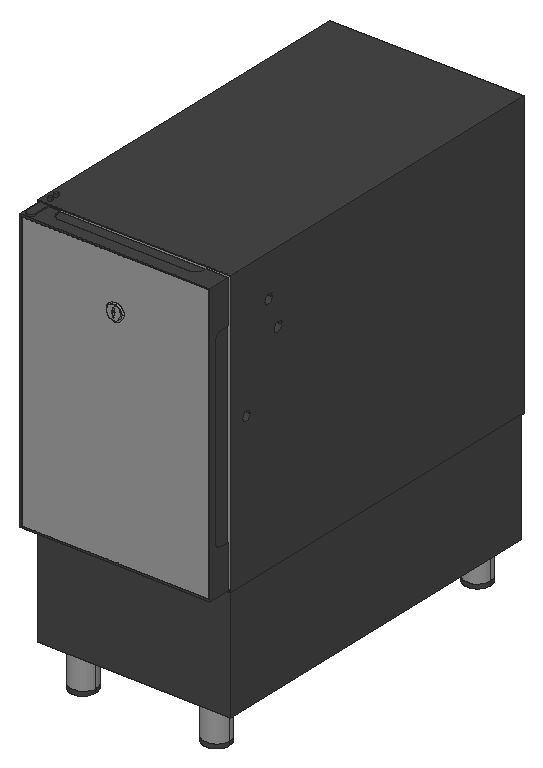
Revit family "Franke_Refrigeration_side_unit_KE200_EC-A600_MS_EC_Tank_A600_FM_EC_A800_FM_EC(EU,CH,GB)", category Specialty Equipment, Revit 2015
Parameters (values of type "Refrigeration side unit KE200 EC-A600 MS EC Tank,A600 FM EC,A800 FM EC(220-240V/EU,CH,GB)")
  Volts max. = 240 V
  URL = "https://www.franke.com/main/en/cs/products/product-search.html"
  Depth (mm) = 453 mm
  Temperature range = "+ 3°C to + 8°C"
  Volts min. = 220 V
  Max Overcurrent Protection = "10 A"
  Cycle Alternative = 60 Hz
  Cycle = 50 Hz
  Model = "410867 - Refrigeration side unit KE200 EC - A600 MS EC Tank, A600 FM EC, A800 FM EC"
  Milk storage = "4 l"
  Watts = 82 W
  Cost = 0
  Height (mm) = 506 mm
  Manufacturer = "Franke"
  Energy loss acc. to DIN 18873 = "0.460 kWh/24 h - 230 V"
  Width (mm) = 225 mm
  Specific features = "Podestal"
  Description = "Refrigeration side unit for storage of cooled milk"
  Assembly Code = "Refrigeration side unit"
  Keynote = "Refrigeration side unit"
  Weight = "13 kg"
  Number of Poles = 1
  Number of Protective Conductors = "1"
  Number of Nutral Conductors = "1"
Reference planes
  plane 1 "Mitte (Vorne/Hinten)": y = 0
  plane 2: z = 0
  plane 3 "Mitte (Links/Rechts)": x = 0
Forms (mm)
  Extrusion 1, solid, material "Franke Black"
    sketch origin (0, 0, 150) x (0, 1, 0) y (0, 0, 1)
      loop
        line (212.3, 356) -> (-212.3, 356) -> (-212.3, 26) -> (212.3, 26) -> (212.3, 356)
    from -112.5 to 112.5
  Extrusion 2, solid, material "Franke Chrome"
    sketch origin (0, 0, 150) x (1, 0, 0) y (0, 0, 1)
      loop
        circle (0, 290.954) r 8
      loop
        arc (1, 294.954) -> (0.707, 295.662) -> (0, 295.954) r 1
        arc (0, 295.954) -> (-0.707, 295.662) -> (-1, 294.954) r 1
        line (-1, 294.954) -> (-1, 292.687)
        arc (-1, 292.687) -> (-2, 290.954) -> (-1, 289.222) r 2
        line (-1, 289.222) -> (-1, 286.954)
        arc (-1, 286.954) -> (-0.707, 286.247) -> (0, 285.954) r 1
        arc (0, 285.954) -> (0.707, 286.247) -> (1, 286.954) r 1
        line (1, 286.954) -> (1, 289.222)
        arc (1, 289.222) -> (2, 290.954) -> (1, 292.687) r 2
        line (1, 292.687) -> (1, 294.954)
    from 240.3 to 242.3
  Blend 3, solid, material "Franke Chrome"
    base sketch origin (0, 0, 150) x (1, 0, 0) y (0, 0, 1)
      loop
        circle (0, 290.954) r 10
    top sketch origin (0, 0, 150) x (1, 0, 0) y (0, 0, 1)
      loop
        circle (0, 290.954) r 8
    from 240.3 to 241.3
  Extrusion 4, solid, material "Franke Black"
    sketch origin (0, 0, 150) x (1, 0, 0) y (0, 0, 1)
      loop
        line (-105.863, 349.363) -> (-105.863, 32.637) -> (105.863, 32.637) -> (105.863, 349.363) -> (-105.863, 349.363)
    from 212.3 to 214.3
  Revolve 5, solid, material "Franke Black"
    sketch origin (-77.5, 0, 169) x (0, 1, 0) y (0, 0, 1)
      loop
        line (212.3, 252) -> (225.9, 252) -> (225.9, 262.5)
        arc (225.9, 262.5) -> (225.314, 263.914) -> (223.9, 264.5) r 2
        line (223.9, 264.5) -> (212.3, 264.5) -> (212.3, 252)
      axis (225.9, 252) -> (212.3, 252)
    angle from 0 to 360
  Extrusion 6, void
    sketch origin (0, 0, 169) x (0, 1, 0) y (0, 0, 1)
      loop
        circle (-158.312, 288.596) r 6
      loop
        circle (-144.81, 253.988) r 6
      loop
        circle (-190.311, 180.988) r 6
    from 102.5 to 127.226
  Extrusion 7, void
    sketch origin (0, 0, 169) x (1, 0, 0) y (0, 0, 1)
      loop
        line (60.953, 48.985) -> (60.953, 22.709) -> (92.574, 22.709) -> (92.574, 48.985) -> (60.953, 48.985)
    from -221.866 to -202.3
  Extrusion 8, solid, material "Franke Black"
    sketch origin (0, 0, 150) x (1, 0, 0) y (0, 0, 1)
      loop
        line (-110.5, 354) -> (-110.5, 28) -> (110.5, 28) -> (110.5, 354) -> (-110.5, 354)
      loop
        line (108.5, 352) -> (-108.5, 352) -> (-108.5, 30) -> (108.5, 30) -> (108.5, 352)
    from 214.3 to 240.3
  Extrusion 9, solid, material "Franke Stainless Steel"
    sketch origin (0, 0, 150) x (1, 0, 0) y (0, 0, 1)
      loop
        line (-108.5, 352) -> (-108.5, 30) -> (108.5, 30) -> (108.5, 352) -> (-108.5, 352)
      loop
        circle (0, 290.954) r 10
    from 214.3 to 240.3
  Extrusion 10, void
    sketch origin (0, 0, 150) x (0, 1, 0) y (0, 0, 1)
      loop
        line (-212.3, 78) -> (-212.3, 304) -> (-223.8, 304)
        arc (-223.8, 304) -> (-230.871, 301.071) -> (-233.8, 294) r 10
        line (-233.8, 294) -> (-233.8, 88)
        arc (-233.8, 88) -> (-230.871, 80.929) -> (-223.8, 78) r 10
        line (-223.8, 78) -> (-212.3, 78)
    from 109.5 to 123.031
  Extrusion 11, void
    sketch origin (0, 0, 150) x (0, 1, 0) y (0, 0, -1)
      loop
        line (-212.3, -78) -> (-223.8, -78)
        arc (-223.8, -78) -> (-230.871, -80.929) -> (-233.8, -88) r 10
        line (-233.8, -88) -> (-233.8, -294)
        arc (-233.8, -294) -> (-230.871, -301.071) -> (-223.8, -304) r 10
        line (-223.8, -304) -> (-212.3, -304) -> (-212.3, -78)
    from 109.5 to 123.031
  Extrusion 12, void
    sketch origin (0, 0, 150) x (1, 0, 0) y (0, 1, 0)
      loop
        line (-85.5, -212.3) -> (-85.5, -217.3)
        arc (-85.5, -217.3) -> (-82.571, -224.371) -> (-75.5, -227.3) r 10
        line (-75.5, -227.3) -> (75.5, -227.3)
        arc (75.5, -227.3) -> (82.571, -224.371) -> (85.5, -217.3) r 10
        line (85.5, -217.3) -> (85.5, -212.3) -> (-85.5, -212.3)
    from 353 to 371.405
  Extrusion 13, void
    sketch origin (0, 0, 150) x (1, 0, 0) y (0, 0, 1)
      loop
        line (111.5, 355) -> (-111.5, 355) -> (-111.5, 27) -> (111.5, 27) -> (111.5, 355)
    from 199.527 to 273.235
  Extrusion 14, solid, material "Franke Plastic white"
    sketch origin (0, 0, 150) x (1, 0, 0) y (0, 0, 1)
      loop
        line (-111.5, 355) -> (-111.5, 27) -> (111.5, 27) -> (111.5, 355) -> (-111.5, 355)
    from 199.527 to 212.3
  Extrusion 15, solid, material "Franke Black"
    sketch origin (0, 0, 150) x (1, 0, 0) y (0, 1, 0)
      loop
        arc (-108.5, -233.3) -> (-103.5, -238.3) -> (-98.5, -233.3) r 5
        line (-98.5, -233.3) -> (-98.5, -212.3) -> (-108.5, -212.3) -> (-108.5, -233.3)
    from 354 to 355
  Extrusion 16, solid, material "Franke Black"
    sketch origin (0, 0, 150) x (1, 0, 0) y (0, 1, 0)
      loop
        circle (-103.5, -205.3) r 2
      loop
        circle (-103.5, -196.3) r 2
    from 356 to 358.5
  Extrusion 17, solid, material "Franke Black"
    sketch origin (0, 0, -177) x (0, -1, 0) y (1, 0, 0)
      loop
        arc (233.3, -108.5) -> (238.3, -103.5) -> (233.3, -98.5) r 5
        line (233.3, -98.5) -> (212.3, -98.5) -> (212.3, -108.5) -> (233.3, -108.5)
    from 354 to 355
  Extrusion 18, solid, material "Franke Chrome"
    sketch origin (0, -4, 20) x (1, 0, 0) y (0, 1, 0)
      loop
        circle (-77.5, 193.3) r 15
      loop
        circle (77.5, 193.3) r 15
      loop
        circle (-77.5, -185.7) r 15
      loop
        circle (77.5, -185.7) r 15
    from -15 to 26
  Extrusion 19, solid, material "Franke Black"
    sketch origin (0, -4, -15) x (1, 0, 0) y (0, 1, 0)
      loop
        circle (-77.5, 193.3) r 15
      loop
        circle (77.5, 193.3) r 15
      loop
        circle (-77.5, -185.7) r 15
      loop
        circle (77.5, -185.7) r 15
    from 15 to 20
  Extrusion 20, solid, material "Franke Black"
    sketch origin (-305, 0, 0) x (1, 0, 0) y (0, 0, 1)
      loop
        line (192.5, 176) -> (192.5, 46) -> (417.5, 46) -> (417.5, 176) -> (192.5, 176)
    from -208.3 to 212.3
  Extrusion 21, solid, material "Franke Chrome"
    sketch origin (0, 0, 20) x (1, 0, 0) y (0, 1, 0)
      loop
        circle (0, 174.198) r 2.5
    from 20 to 26
Cuts and joins
  Extrusion 6, Extrusion 7, Extrusion 13 cuts Extrusion 1
  Extrusion 10, Extrusion 11, Extrusion 12 cuts Extrusion 8
Dimensions and locks
  aligned and locked: level to plane 2
Connectors
  electrical at (0, 174.198, 40), driven by "Volts min.", driven by "Number of Poles"
    settings: on Extrusion 21, index 5, voltage 220 V, apparent load 0 VA, apparent load phase1 0 VA, apparent load phase2 0 VA, apparent load phase3 0 VA, power factor 1, load classification "Strom", number of poles 1, system type 31, power factor state 1, is connector primary yes, connector utility no, sub classification motor no, connector description ""
